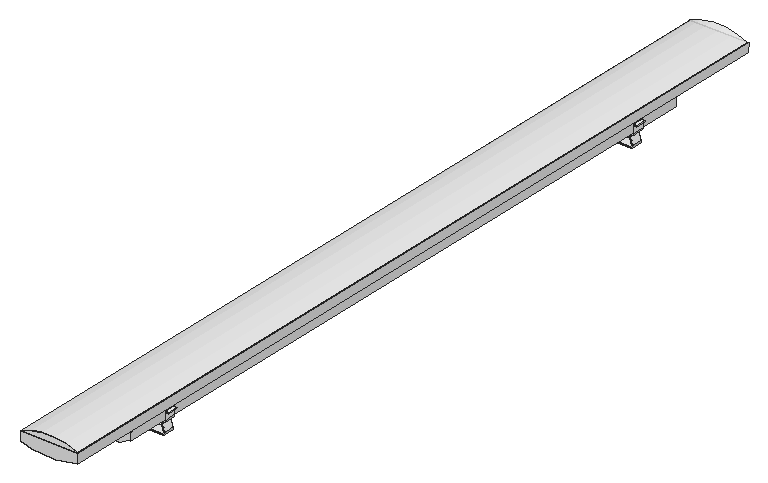
Revit family "Lighting-Industrial-GEWISS-SMART[3]-WATERTIGHT-LED_TRASPARENT_1600mm", category Apparecchi per illuminazione, host Superficie, Revit 2019
Family settings
  Host = Superficie
  Quota connettore circolare = Usa diametro
  Tipo di parte = Normale
  Taglio con vuoti quando caricato = No
  Sorgente d'illuminazione = No
  Condiviso = No
  Punto di calcolo locali = Sì
Parameters (values of type "GWS3158TD - SMART3 LED 1600 1X58 TRASPAR.DALI")
  Working temperature = "-25 +50 °C"
  Weight (kg): = "2,5"
  Warranty = "5 years"
  Voltage = "220/240 V - 50/60 Hz - Dali"
  Version file RFA = "20.11"
  URL = "https://www.gewiss.com/ww/en"
  Typology = "DALI"
  Type of light source = "LED - Not replaceable"
  Technical sheet = "https://www.gewiss.com/ww/en/search?q=GWS3158TD"
  System power = "26W"
  Struttura = GEWISS - SMART 3 - GRIGIO
  Stampa 1_200 = no
  Stampa 1_100 = not(Stampa 1_200)  # yes
  Spostamento_Y_etichetta [instance] = 0 mm
  Spostamento_Y_effettivo_etichetta [instance] = 1500 mm - Spostamento_Y_etichetta  # 1500 mm
  Spostamento_X_etichetta [instance] = 0 mm
  Spostamento_X_effettivo_etichetta [instance] = 1500 mm - Spostamento_X_etichetta  # 1500 mm
  Shock resistance = "IK08"
  Shield type = "Transparent"
  Schermo- = Gewiss - Led Acceso
  SEO = "Luminaire"
  Realized by GEWISS S.p.A. = ""
  Default Elevation = 1219.2 mm
  Produttore = "GEWISS S.p.A."
  Operating temperature: = "-30 +50 °C"
  Nominal flux (lm) = "3700"
  No. LED (#) = "72"
  Modello = "GWS3158TD"
  Lunghezza Lampada = 1600 mm  # constant formula
  Lumen output (lm) = "3400"
  Length = "1600 mm"
  Lampada = "LED"
  Lamp = "LED"
  LED LifeTime (L80B20) = "85000H"
  LED Life time (L80B50) = "100000H"
  LED Life time (L70) = "80000H"
  LED Life Time (L90B50) = "50000H"
  Insulation class = "II"
  Immagine tipo = GWS3158T.jpg
  IP degree = "IP66/IP69"
  IFC.TypeObject = ""
  IFC.ExportType = ""
  IFC.ExportAs = ""
  IDT = "fad509ce-101b-4a7a-befe-b015b7d6ede8"
  IDF = "689142ee-b09e-4cde-8409-446d4916f831"
  Glow Wire Test = "850°C"
  Ganci = GEWISS  - ALLUMINIO
  Failure rate apparecchio (50.000h, Tq=25Â° C) = "<2,5%"
  Failure rate apparecchio (35.000h, Tq=35Â° C) = "<2,5%"
  Electrocod = "2434"
  Efficiency class of integrated LEDs = "A ÷ A++"
  EAN code = "8011564869141"
  Driver type = "Constant Current Driver Led"
  Device with reduced surface temperature = "Complying"
  Descrizione = "SMART3 1600 72LED TRANSP DALI"
  Colour temperature: = "4000 K (CRI 80)"
  Colour temperature = "4000 K (CRI 80)"
  Catalogue Range = "SMART [3]"
  Catalogue = "LIGHTING"
  COBie.Tagnumber = ""
  COBie.CreatedOn = ""
  COBie.CreatebBy = ""
  COBie.ComponentRegisterItemID = ""
  COBie.Component.TagNumber = ""
  COBie.Component.Space = ""
  COBie.Component.SerialNumber = ""
  COBie.Component.InstallationDate = ""
  COBie.Component.Description = ""
  COBie.Component.BarCode = ""
  Application = "Internal"
Types (17, lengths in mm): name | Voltage | Typology | Technical sheet | System power | Shield type | Nominal flux (lm) | No. LED (#) | Modello | Lumen output (lm) | IDT | EAN code | Descrizione | Colour temperature: | Colour temperature
  (no name) | "220/240 V - 50/60 Hz - Dali" | "DALI" | "https://www.gewiss.com/ww/en/search?q=GWS3158TD" | "26W" | "Transparent" | "3700" | "72" | "GWS3158TD" | "3400" | "fad509ce-101b-4a7a-befe-b015b7d6ede8" | "8011564869141" | "SMART3 1600 72LED TRANSP DALI" | "4000 K (CRI 80)" | "4000 K (CRI 80)"
  GWS3158T - SMART3 LED 1600 1X58 TRANSP. | "220/240 V - 50/60 Hz - Stand alone" | "Stand alone" | "https://www.gewiss.com/ww/en/search?q=GWS3158T" | "26W" | "Transparent" | "3700" | "72" | "GWS3158T" | "3400" | "066f2335-f03f-4af7-bbdf-75d64e2a9c04" | "8011564857483" | "SMART3 1600 72LED TRANSP" | "4000 K (CRI 80)" | "4000 K (CRI 80)"
  GWS3258T - SMART3 LED 1600 2X58 TRANSP. | "220/240 V - 50/60 Hz - Stand alone" | "Stand alone" | "https://www.gewiss.com/ww/en/search?q=GWS3258T" | "50W" | "Transparent" | "6900" | "84" | "GWS3258T" | "6500" | "4cdd0241-d215-4c1f-815a-b1c93386de50" | "8011564857513" | "SMART3 1600 84LED TRASP" | "4000 K (CRI 80)" | "4000 K (CRI 80)"
  GWS3258T30K - SMART3 LED 1600 2X58 TRASPAR.30K | "220/240 V - 50/60 Hz - Stand alone" | "Stand alone" | "https://www.gewiss.com/ww/en/search?q=GWS3258T30K" | "50W" | "Transparent" | "6600" | "84" | "GWS3258T30K" | "6100" | "325b5c50-224b-4738-9fc0-25ba087131e3" | "8011564872561" | "SMART3 1600 84LED TRANSP 30K" | "3000 K (CRI 80)" | "3000 K (CRI 80)"
  GWS3258T57K - SMART3 LED 1600 2X58 TRANSP.57K | "220/240 V - 50/60 Hz - Stand alone" | "Stand alone" | "https://www.gewiss.com/ww/en/search?q=GWS3258T57K" | "50W" | "Transparent" | "6900" | "84" | "GWS3258T57K" | "6500" | "7db086ec-b3f1-4ab7-9915-efee839ad275" | "8011564872363" | "SMART3 1600 84LED TRANSP 57K" | "5700 K (CRI 80)" | "5700 K (CRI 80)"
  GWS3158TD - SMART3 LED 1600 1X58 TRASPAR.DALI | "220/240 V - 50/60 Hz - Dali" | "DALI" | "https://www.gewiss.com/ww/en/search?q=GWS3158TD" | "26W" | "Transparent" | "3700" | "72" | "GWS3158TD" | "3400" | "fad509ce-101b-4a7a-befe-b015b7d6ede8" | "8011564869141" | "SMART3 1600 72LED TRANSP DALI" | "4000 K (CRI 80)" | "4000 K (CRI 80)"
  GWS3158TL - SMART3 LED 1600 1X58 TRANSP.QW | "220/240 V - 50/60 Hz - Stand alone" | "Stand alone" | "https://www.gewiss.com/ww/en/search?q=GWS3158TL" | "26W" | "Transparent" | "3700" | "72" | "GWS3158TL" | "3400" | "ad557d36-df4f-4932-8f10-348deb7834fc" | "8011564876026" | "SMART3 1600 72LED TRANSP LP" | "4000 K (CRI 80)" | "4000 K (CRI 80)"
  GWS3158TLD - SMART3 LED 1600 1X58 TRASPAR.DALI LP | "220/240 V - 50/60 Hz - Dali" | "DALI" | "https://www.gewiss.com/ww/en/search?q=GWS3158TLD" | "26W" | "Transparent" | "3700" | "72" | "GWS3158TLD" | "3400" | "b052bf06-4341-4e81-a7b7-08e227eebc87" | "8011564876996" | "SMART3 1600 72LED TRASP DALI LP" | "4000 K (CRI 80)" | "4000 K (CRI 80)"
  GWS3258TD - SMART3 LED 1600 2X58 TRANSP.DALI | "220/240 V - 50/60 Hz - Dali" | "DALI" | "https://www.gewiss.com/ww/en/search?q=GWS3258TD" | "50W" | "Transparent" | "6900" | "84" | "GWS3258TD" | "6500" | "c13bb367-a2a7-4ade-ab3f-f5a6ac8cc10a" | "8011564869172" | "SMART3 1600 84LED TRASP DALI" | "4000 K (CRI 80)" | "4000 K (CRI 80)"
  GWS3258TD30K - SMART3 LED 1600 2X58 TRASPAR.DALI 30K | "220/240 V - 50/60 Hz - Dali" | "DALI" | "https://www.gewiss.com/ww/en/search?q=GWS3258TD30K" | "50W" | "Transparent" | "6600" | "84" | "GWS3258TD30K" | "6100" | "81e36b92-3e98-4a8c-a723-41ede1d4d4c9" | "8011564877214" | "SMART3 1600 84LED TRANSP DALI 30K" | "3000 K (CRI 80)" | "3000 K (CRI 80)"
  GWS3258TD57K - SMART3 LED 1600 2X58 TRASPAR.DALI 57K | "220/240 V - 50/60 Hz - Dali" | "DALI" | "https://www.gewiss.com/ww/en/search?q=GWS3258TD57K" | "50W" | "Transparent" | "6900" | "84" | "GWS3258TD57K" | "6500" | "8edf0d01-1cf1-4794-9f7b-07d2761047a4" | "8011564877221" | "SMART3 1600 84LED TRANSP DALI 57K" | "5700 K (CRI 80)" | "5700 K (CRI 80)"
  GWS3258TL - SMART3 LED 1600 2X58 TRANSP.QW | "220/240 V - 50/60 Hz - Stand alone" | "Stand alone" | "https://www.gewiss.com/ww/en/search?q=GWS3258TL" | "50W" | "Transparentl with feed-through wiring" | "6900" | "84" | "GWS3258TL" | "6500" | "279edb7b-9f48-4b9a-a033-1cee137432b9" | "8011564876019" | "SMART3 1600 84LED TRASP LP" | "4000 K (CRI 80)" | "4000 K (CRI 80)"
  GWS3258TL30K - SMART3 LED 1600 2X58 TRASPAR.30K LP | "220/240 V - 50/60 Hz - Stand alone" | "Stand alone" | "https://www.gewiss.com/ww/en/search?q=GWS3258TL30K" | "50W" | "Transparentl with feed-through wiring" | "6600" | "84" | "GWS3258TL30K" | "6100" | "c5678d03-0c39-4ed2-aa1d-db6966d7895c" | "8011564877238" | "SMART3 1600 84LED TRASP 30K LP" | "3000 K (CRI 80)" | "3000 K (CRI 80)"
  GWS3258TL57K - SMART3 LED 1600 2X58 TRANSP.57K QW | "220/240 V - 50/60 Hz - Stand alone" | "Stand alone" | "https://www.gewiss.com/ww/en/search?q=GWS3258TL57K" | "50W" | "Transparentl with feed-through wiring" | "6900" | "84" | "GWS3258TL57K" | "6500" | "29417524-0e1e-449e-bbc7-dee1226abf64" | "8011564877245" | "SMART3 1600 84LED TRASP 57K LP" | "5700 K (CRI 80)" | "5700 K (CRI 80)"
  GWS3258TLD - SMART3 LED 1600 2X58 TRANSP.DALI QW | "220/240 V - 50/60 Hz - Dali" | "DALI" | "https://www.gewiss.com/ww/en/search?q=GWS3258TLD" | "50W" | "Transparent" | "6900" | "84" | "GWS3258TLD" | "6500" | "ea1d6a33-a2cf-45e2-a91b-37e897663626" | "8011564877252" | "SMART3 1600 84LED TRASP DALI LP" | "4000 K (CRI 80)" | "4000 K (CRI 80)"
  GWS3258TLD30K - SMART3 LED 1600 2X58 TRASPAR.DALI 30K LP | "220/240 V - 50/60 Hz - Dali" | "DALI" | "https://www.gewiss.com/ww/en/search?q=GWS3258TLD30K" | "50W" | "Transparent" | "6600" | "84" | "GWS3258TLD30K" | "6100" | "729ccefa-5ef9-4419-9430-5e5af7bd8625" | "8011564877269" | "SMART3 1600 84LED TRASP DALI 30K LP" | "3000 K (CRI 80)" | "3000 K (CRI 80)"
  GWS3258TLD57K - SMART3 LED 1600 2X58 TRASPAR.DALI 57K LP | "220/240 V - 50/60 Hz - Dali" | "DALI" | "https://www.gewiss.com/ww/en/search?q=GWS3258TLD57K" | "50W" | "Transparent" | "6900" | "84" | "GWS3258TLD57K" | "6500" | "26c707b7-8614-495c-95ca-304ffab4d2c7" | "8011564877276" | "SMART3 1600 84LED TRASP DALI 57K LP" | "5700 K (CRI 80)" | "5700 K (CRI 80)"
Reference planes
  plane 1 "Centro (Fronte/Retro)": y = 0
  plane 2: z = 0
  plane 3 "Centro (Sinistra/Destra)": x = 0
  plane 4: x = -1500
  plane 5: y = -1500
  plane 6: x = 0
  plane 7: y = 0
Forms (mm)
  Extrusion 1, solid, material "GEWISS  - ALLUMINIO" <- "Ganci", detail levels medium+fine
    sketch origin (0, 0, 0) x (1, 0, 0) y (0, 0, 1)
      loop
        arc (31.431, -0.002) -> (34.576, 1.589) -> (35.156, 5.066) r 3.903
        line (35.156, 5.066) -> (29.612, 23.211)
        arc (29.612, 23.211) -> (29.883, 24.381) -> (31.032, 24.73) r 1.2
        line (31.032, 24.73) -> (34.307, 23.974)
        arc (34.307, 23.974) -> (36.765, 24.53) -> (37.859, 26.8) r 2.9
        line (37.859, 26.8) -> (37.859, 38.8)
        arc (37.859, 38.8) -> (37.648, 39.694) -> (37.059, 40.4) r 2
        line (37.059, 40.4) -> (37.059, 42.71) -> (42.861, 40.598) -> (43.203, 41.538) -> (37.53, 43.603)
        arc (37.53, 43.603) -> (37.019, 43.613) -> (36.605, 43.311) r 0.8
        line (36.605, 43.311) -> (36.306, 26.139)
        arc (36.306, 26.139) -> (35.6, 25.444) -> (34.616, 25.34) r 1.5
        line (34.616, 25.34) -> (31.344, 26.095)
        arc (31.344, 26.095) -> (28.858, 25.335) -> (28.273, 22.802) r 2.6
        line (28.273, 22.802) -> (33.827, 4.636)
        arc (33.827, 4.636) -> (33.449, 2.415) -> (31.438, 1.4) r 2.5
        line (31.438, 1.4) -> (-31.437, 1.4)
        arc (-31.437, 1.4) -> (-33.449, 2.415) -> (-33.827, 4.636) r 2.5
        line (-33.827, 4.636) -> (-28.273, 22.802)
        arc (-28.273, 22.802) -> (-28.858, 25.335) -> (-31.344, 26.095) r 2.6
        line (-31.344, 26.095) -> (-34.616, 25.34)
        arc (-34.616, 25.34) -> (-35.6, 25.444) -> (-36.306, 26.139) r 1.5
        line (-36.306, 26.139) -> (-36.605, 43.311)
        arc (-36.605, 43.311) -> (-37.019, 43.613) -> (-37.53, 43.603) r 0.8
        line (-37.53, 43.603) -> (-43.203, 41.538) -> (-42.861, 40.598) -> (-37.059, 42.71) -> (-37.059, 40.4)
        arc (-37.059, 40.4) -> (-37.648, 39.694) -> (-37.859, 38.8) r 2
        line (-37.859, 38.8) -> (-37.859, 26.8)
        arc (-37.859, 26.8) -> (-36.765, 24.53) -> (-34.307, 23.974) r 2.9
        line (-34.307, 23.974) -> (-31.032, 24.73)
        arc (-31.032, 24.73) -> (-29.883, 24.381) -> (-29.612, 23.211) r 1.2
        line (-29.612, 23.211) -> (-35.156, 5.066)
        arc (-35.156, 5.066) -> (-34.576, 1.589) -> (-31.431, -0.002) r 3.903
        line (-31.431, -0.002) -> (31.431, -0.002)
    from 548.766 to 568.766
  Extrusion 2, solid, material "GEWISS  - ALLUMINIO" <- "Ganci", detail levels medium+fine
    sketch origin (0, 0, 0) x (1, 0, 0) y (0, 0, -1)
      loop
        line (31.431, 0.002) -> (-31.431, 0.002)
        arc (-31.431, 0.002) -> (-34.576, -1.589) -> (-35.156, -5.066) r 3.903
        line (-35.156, -5.066) -> (-29.612, -23.211)
        arc (-29.612, -23.211) -> (-29.883, -24.381) -> (-31.032, -24.73) r 1.2
        line (-31.032, -24.73) -> (-34.307, -23.974)
        arc (-34.307, -23.974) -> (-36.765, -24.53) -> (-37.859, -26.8) r 2.9
        line (-37.859, -26.8) -> (-37.859, -38.8)
        arc (-37.859, -38.8) -> (-37.648, -39.694) -> (-37.059, -40.4) r 2
        line (-37.059, -40.4) -> (-37.059, -42.71) -> (-42.861, -40.598) -> (-43.203, -41.538) -> (-37.53, -43.603)
        arc (-37.53, -43.603) -> (-37.019, -43.613) -> (-36.605, -43.311) r 0.8
        line (-36.605, -43.311) -> (-36.306, -26.139)
        arc (-36.306, -26.139) -> (-35.6, -25.444) -> (-34.616, -25.34) r 1.5
        line (-34.616, -25.34) -> (-31.344, -26.095)
        arc (-31.344, -26.095) -> (-28.858, -25.335) -> (-28.273, -22.802) r 2.6
        line (-28.273, -22.802) -> (-33.827, -4.636)
        arc (-33.827, -4.636) -> (-33.449, -2.415) -> (-31.437, -1.4) r 2.5
        line (-31.437, -1.4) -> (31.438, -1.4)
        arc (31.438, -1.4) -> (33.449, -2.415) -> (33.827, -4.636) r 2.5
        line (33.827, -4.636) -> (28.273, -22.802)
        arc (28.273, -22.802) -> (28.858, -25.335) -> (31.344, -26.095) r 2.6
        line (31.344, -26.095) -> (34.616, -25.34)
        arc (34.616, -25.34) -> (35.6, -25.444) -> (36.306, -26.139) r 1.5
        line (36.306, -26.139) -> (36.605, -43.311)
        arc (36.605, -43.311) -> (37.019, -43.613) -> (37.53, -43.603) r 0.8
        line (37.53, -43.603) -> (43.203, -41.538) -> (42.861, -40.598) -> (37.059, -42.71) -> (37.059, -40.4)
        arc (37.059, -40.4) -> (37.648, -39.694) -> (37.859, -38.8) r 2
        line (37.859, -38.8) -> (37.859, -26.8)
        arc (37.859, -26.8) -> (36.765, -24.53) -> (34.307, -23.974) r 2.9
        line (34.307, -23.974) -> (31.032, -24.73)
        arc (31.032, -24.73) -> (29.883, -24.381) -> (29.612, -23.211) r 1.2
        line (29.612, -23.211) -> (35.156, -5.066)
        arc (35.156, -5.066) -> (34.576, -1.589) -> (31.431, 0.002) r 3.903
    from 548.766 to 568.766
  Extrusion 3, solid, material "GEWISS - SMART 3 - GRIGIO" <- "Struttura", detail levels medium+fine
    sketch origin (0, 0, 0) x (1, 0, 0) y (0, 0, 1)
      loop
        line (-36.331, 55.757) -> (-35.847, 28.018)
        arc (-35.847, 28.018) -> (-33.139, 27.27) -> (-30.416, 26.58) r 129.5
        arc (-30.416, 26.58) -> (-28.066, 25.76) -> (-25.915, 24.506) r 13
        arc (-25.915, 24.506) -> (-24.23, 23.324) -> (-22.521, 22.178) r 99.5
        arc (-22.521, 22.178) -> (-16.401, 19.063) -> (-9.748, 17.365) r 31.146
        line (-9.748, 17.365) -> (12.491, 17.365)
        arc (12.491, 17.365) -> (17.822, 19.098) -> (22.764, 21.745) r 31.646
        arc (22.764, 21.745) -> (24.509, 22.915) -> (26.228, 24.122) r 100
        arc (26.228, 24.122) -> (28.283, 25.313) -> (30.525, 26.095) r 12.5
        arc (30.525, 26.095) -> (33.437, 26.834) -> (36.332, 27.64) r 130
        line (36.332, 27.64) -> (36.824, 55.851)
        arc (36.824, 55.851) -> (24.914, 53.937) -> (12.909, 52.764) r 195.047
        line (12.909, 52.764) -> (-12.909, 52.764)
        arc (-12.909, 52.764) -> (-24.665, 53.905) -> (-36.331, 55.757) r 195.047
    from -650 to 650
  Extrusion 4, solid, material "GEWISS - SMART 3 - GRIGIO" <- "Struttura", detail levels medium+fine
    sketch origin (0, 0, 0) x (1, 0, 0) y (0, 0, 1)
      loop
        line (54.725, 60.184) -> (55.177, 77.445) -> (-55.177, 77.445) -> (-54.725, 60.184)
        arc (-54.725, 60.184) -> (-34.019, 55.332) -> (-12.909, 52.764) r 195.047
        line (-12.909, 52.764) -> (12.909, 52.764)
        arc (12.909, 52.764) -> (34.019, 55.332) -> (54.725, 60.184) r 195.047
    from -800 to 800
  Extrusion 5, solid, material "Gewiss - Led Acceso" <- "Schermo-", detail levels medium+fine
    sketch origin (0, 0, 0) x (1, 0, 0) y (0, 0, 1)
      loop
        arc (54.697, 78.441) -> (-0.014, 90.457) -> (-54.723, 78.429) r 130.5
        arc (-54.723, 78.429) -> (-54.988, 77.838) -> (-54.5, 77.445) r 0.5
        line (-54.5, 77.445) -> (54.479, 77.445)
        arc (54.479, 77.445) -> (54.988, 77.855) -> (54.697, 78.441) r 0.522
    from -800 to 800
  Extrusion 6, solid, material "GEWISS - SMART 3 - GRIGIO" <- "Struttura", detail levels medium
    sketch origin (0, 0, 0) x (1, 0, 0) y (0, 0, 1)
      loop
        line (-54.5, 90.439) -> (-54.5, 0) -> (54.5, 0) -> (54.5, 90.439) -> (-54.5, 90.439)
    from -800 to 800
Lines and regions (mm)
  Masking region 1
    outline origin (0, 0, 0) x (1, 0, 0) y (0, 1, 0)
      loop
        line (-55.177, 800) -> (-55.177, -800) -> (55.177, -800) -> (55.177, 800) -> (-55.177, 800)
  model lines, style "GEWISS - LIGHT 2D", detail levels coarse
    curve 1: arc (-52.678, 800, 0) -> (-54.446, 799.268, 0) -> (-55.178, 797.5, 0) r 2.5
    curve 2: line (55.176, 800, 0) -> (-52.678, 800, 0)
    curve 3: line (-55.178, -188.779, 0) -> (55.176, -188.779, 0)
    curve 4: line (55.176, -188.779, 0) -> (55.176, 800, 0)
    curve 5: line (-55.178, -188.779, 0) -> (-55.178, 797.5, 0)
    curve 6: line (0, 575.964, 0) -> (0, -157.815, 0)
    curve 253: arc (-52.678, -188.779, 0) -> (-54.446, -188.047, 0) -> (-55.178, -186.279, 0) r 2.5
  model lines, style "GEWISS - LIGHT 2D", not visible, detail levels medium+fine
    curve 7: arc (599.156, 237.359, 0) -> (604.568, 231.947, 0) -> (609.98, 237.359, 0) r 5.412
    curve 12: arc (581.804, 237.359, 0) -> (582.83, 230.601, 0) -> (585.816, 224.453, 0) r 22.764
    curve 13: arc (623.32, 224.453, 0) -> (626.306, 230.601, 0) -> (627.332, 237.359, 0) r 22.764
    curve 14: arc (609.98, -154.35, 0) -> (604.568, -148.937, 0) -> (599.156, -154.35, 0) r 5.412
    curve 20: arc (585.816, -141.444, 0) -> (582.83, -147.592, 0) -> (581.804, -154.35, 0) r 22.764
    curve 21: arc (627.332, -154.35, 0) -> (626.306, -147.592, 0) -> (623.32, -141.444, 0) r 22.764
    curve 28: line (581.804, 248.502, 0) -> (581.804, 237.359, 0)
    curve 29: line (581.804, 237.359, 0) -> (599.156, 237.359, 0)
    curve 30: line (599.156, 237.359, 0) -> (599.156, 248.502, 0)
    curve 31: line (599.156, 256.809, 0) -> (599.156, 262.193, 0)
    curve 32: line (609.98, 248.502, 0) -> (609.98, 237.359, 0)
    curve 33: line (609.98, 237.359, 0) -> (627.332, 237.359, 0)
    curve 34: line (627.332, 237.359, 0) -> (627.332, 248.502, 0)
    curve 45: line (581.804, -154.35, 0) -> (581.804, -165.498, 0)
    curve 46: line (581.804, -165.498, 0) -> (581.804, -154.35, 0)
    curve 47: line (581.804, -154.35, 0) -> (599.156, -154.35, 0)
    curve 48: line (599.156, -154.35, 0) -> (599.156, -165.498, 0)
    curve 49: line (609.98, -165.498, 0) -> (609.98, -154.35, 0)
    curve 50: line (609.98, -154.35, 0) -> (627.332, -154.35, 0)
    curve 51: line (627.332, -154.35, 0) -> (627.332, -165.498, 0)
    curve 52: line (627.332, -165.498, 0) -> (627.332, -154.35, 0)
    curve 53: line (609.98, -179.249, 0) -> (609.98, -173.749, 0)
    curve 56: line (599.156, -179.191, 0) -> (599.156, -173.807, 0)
    curve 100: circle (617.836, 259.501, 0) r 1.5 normal (0, 0, 1)
    curve 101: circle (591.836, 259.501, 0) r 1.5 normal (0, 0, 1)
    curve 102: arc (610.218, 256.751, 0) -> (612.968, 259.501, 0) -> (610.218, 262.251, 0) r 2.75
    curve 103: arc (599.718, 262.251, 0) -> (596.968, 259.501, 0) -> (599.718, 256.751, 0) r 2.75
    curve 108: circle (617.836, -176.499, 0) r 1.5 normal (0, 0, 1)
    curve 109: circle (591.836, -176.499, 0) r 1.5 normal (0, 0, 1)
    curve 110: arc (610.218, -179.249, 0) -> (612.968, -176.499, 0) -> (610.218, -173.749, 0) r 2.75
    curve 111: arc (599.718, -173.749, 0) -> (596.968, -176.499, 0) -> (599.718, -179.249, 0) r 2.75
    curve 190: line (599.718, 262.251, 0) -> (610.218, 262.251, 0)
    curve 191: line (599.718, 256.751, 0) -> (610.218, 256.751, 0)
    curve 200: line (599.718, -173.749, 0) -> (610.218, -173.749, 0)
    curve 201: line (599.718, -179.249, 0) -> (610.218, -179.249, 0)
    curve 220: line (604.568, 230.323, 0) -> (604.568, 244.394, 0)
    curve 221: line (611.603, 237.359, 0) -> (597.532, 237.359, 0)
    curve 222: line (604.568, -161.385, 0) -> (604.568, -147.314, 0)
    curve 223: line (611.603, -154.35, 0) -> (597.532, -154.35, 0)
    curve 229: line (617.836, 257.551, 0) -> (617.836, 261.451, 0)
    curve 230: line (619.786, 259.501, 0) -> (615.886, 259.501, 0)
    curve 231: line (591.836, 257.551, 0) -> (591.836, 261.451, 0)
    curve 232: line (593.786, 259.501, 0) -> (589.886, 259.501, 0)
    curve 233: line (603.293, 259.501, 0) -> (596.143, 259.501, 0)
    curve 234: line (610.218, 255.926, 0) -> (610.218, 263.076, 0)
    curve 235: line (613.793, 259.501, 0) -> (606.643, 259.501, 0)
    curve 236: line (617.836, -178.449, 0) -> (617.836, -174.549, 0)
    curve 237: line (619.786, -176.499, 0) -> (615.886, -176.499, 0)
    curve 238: line (591.836, -178.449, 0) -> (591.836, -174.549, 0)
    curve 239: line (593.786, -176.499, 0) -> (589.886, -176.499, 0)
    curve 240: line (599.718, -180.074, 0) -> (599.718, -172.924, 0)
    curve 241: line (603.293, -176.499, 0) -> (596.143, -176.499, 0)
    curve 242: line (610.218, -180.074, 0) -> (610.218, -172.924, 0)
    curve 243: line (613.793, -176.499, 0) -> (606.643, -176.499, 0)
    curve 244: arc (585.816, 224.453, 0) -> (604.568, 218.168, 0) -> (623.32, 224.453, 0) r 31.118
    curve 245: arc (623.32, -141.444, 0) -> (604.568, -135.159, 0) -> (585.816, -141.444, 0) r 31.118
  model lines, style "GEWISS - LIGHT 2D", not visible
    curve 8: arc (642.177, 315.223, 0) -> (641.755, 316.267, 0) -> (640.725, 316.723, 0) r 1.499
    curve 9: arc (640.726, -233.714, 0) -> (641.755, -233.258, 0) -> (642.177, -232.214, 0) r 1.499
    curve 10: arc (568.41, 316.723, 0) -> (567.381, 316.267, 0) -> (566.959, 315.223, 0) r 1.499
    curve 11: arc (566.959, -232.214, 0) -> (567.38, -233.258, 0) -> (568.409, -233.714, 0) r 1.499
    curve 22: line (568.41, 316.723, 0) -> (592.409, 317.119, 0)
    curve 23: line (592.409, 317.119, 0) -> (595.819, 317.196, 0)
    curve 24: line (595.819, 317.196, 0) -> (604.587, 317.348, 0)
    curve 25: line (604.587, 317.348, 0) -> (613.319, 317.196, 0)
    curve 26: line (613.319, 317.196, 0) -> (616.729, 317.119, 0)
    curve 27: line (616.729, 317.119, 0) -> (640.725, 316.723, 0)
    curve 35: line (568.409, -233.714, 0) -> (604.582, -234.348, 0)
    curve 36: line (604.582, -234.348, 0) -> (640.726, -233.714, 0)
    curve 37: line (642.177, -187.498, 0) -> (642.177, -232.214, 0)
    curve 38: line (642.177, 248.502, 0) -> (642.177, -165.498, 0)
    curve 39: line (642.177, 315.223, 0) -> (642.177, 270.502, 0)
    curve 40: line (566.959, 315.223, 0) -> (566.959, 270.502, 0)
    curve 41: line (566.959, 248.502, 0) -> (566.959, -165.498, 0)
    curve 42: line (566.959, -187.498, 0) -> (566.959, -232.214, 0)
    curve 43: line (604.549, -234.347, 0) -> (604.569, -233.348, 0)
    curve 44: line (604.569, -233.348, 0) -> (604.549, -234.347, 0)
    curve 54: line (609.989, -233.253, 0) -> (609.98, -232.753, 0)
    curve 55: line (609.98, -232.753, 0) -> (609.98, -187.498, 0)
    curve 57: line (599.147, -233.253, 0) -> (599.156, -232.753, 0)
    curve 58: line (599.156, -232.753, 0) -> (599.156, -187.498, 0)
    curve 59: line (604.568, -232.848, 0) -> (604.569, -233.348, 0)
    curve 60: line (604.569, -233.348, 0) -> (604.568, -232.848, 0)
    curve 75: arc (658.224, 441.447, 0) -> (657.902, 441.529, 0) -> (657.571, 441.558, 0) r 1.999
    curve 77: arc (659.744, 439.503, 0) -> (659.172, 440.906, 0) -> (657.781, 441.505, 0) r 1.998
    curve 78: arc (549.391, -356.494, 0) -> (549.963, -357.897, 0) -> (551.356, -358.495, 0) r 1.998
    curve 104: spline (648.539, 268.506, 0) -> (648.523, 268.767, 0) -> (648.475, 269.023, 0) -> (648.396, 269.27, 0) -> (648.287, 269.504, 0) -> (648.151, 269.721, 0) -> (647.989, 269.918, 0) -> (647.804, 270.09, 0) -> (647.599, 270.235, 0) -> (647.379, 270.35, 0) -> (647.146, 270.434, 0) -> (646.905, 270.485, 0) -> (646.66, 270.502, 0)
    curve 105: spline (646.66, 248.502, 0) -> (646.905, 248.519, 0) -> (647.146, 248.57, 0) -> (647.379, 248.654, 0) -> (647.599, 248.77, 0) -> (647.804, 248.916, 0) -> (647.989, 249.089, 0) -> (648.151, 249.286, 0) -> (648.287, 249.504, 0) -> (648.396, 249.739, 0) -> (648.475, 249.987, 0) -> (648.523, 250.245, 0) -> (648.539, 250.506, 0)
    curve 106: spline (561.397, 250.501, 0) -> (561.413, 250.24, 0) -> (561.461, 249.984, 0) -> (561.54, 249.736, 0) -> (561.648, 249.502, 0) -> (561.785, 249.284, 0) -> (561.947, 249.087, 0) -> (562.132, 248.915, 0) -> (562.336, 248.77, 0) -> (562.557, 248.654, 0) -> (562.79, 248.57, 0) -> (563.031, 248.519, 0) -> (563.276, 248.502, 0)
    curve 107: spline (563.276, 270.502, 0) -> (563.031, 270.485, 0) -> (562.79, 270.434, 0) -> (562.557, 270.35, 0) -> (562.336, 270.234, 0) -> (562.132, 270.089, 0) -> (561.947, 269.916, 0) -> (561.785, 269.72, 0) -> (561.648, 269.502, 0) -> (561.54, 269.267, 0) -> (561.461, 269.019, 0) -> (561.413, 268.763, 0) -> (561.397, 268.502, 0)
    curve 112: spline (648.539, -167.494, 0) -> (648.523, -167.233, 0) -> (648.475, -166.977, 0) -> (648.396, -166.73, 0) -> (648.287, -166.496, 0) -> (648.151, -166.279, 0) -> (647.989, -166.083, 0) -> (647.804, -165.911, 0) -> (647.599, -165.766, 0) -> (647.379, -165.65, 0) -> (647.146, -165.566, 0) -> (646.905, -165.515, 0) -> (646.66, -165.498, 0)
    curve 113: spline (646.66, -187.498, 0) -> (646.905, -187.481, 0) -> (647.146, -187.43, 0) -> (647.379, -187.346, 0) -> (647.599, -187.23, 0) -> (647.804, -187.084, 0) -> (647.989, -186.911, 0) -> (648.151, -186.714, 0) -> (648.287, -186.496, 0) -> (648.396, -186.261, 0) -> (648.475, -186.012, 0) -> (648.523, -185.755, 0) -> (648.539, -185.494, 0)
    curve 114: spline (561.397, -185.499, 0) -> (561.413, -185.76, 0) -> (561.461, -186.016, 0) -> (561.54, -186.264, 0) -> (561.648, -186.498, 0) -> (561.785, -186.716, 0) -> (561.947, -186.912, 0) -> (562.132, -187.085, 0) -> (562.336, -187.23, 0) -> (562.557, -187.346, 0) -> (562.79, -187.43, 0) -> (563.031, -187.481, 0) -> (563.276, -187.498, 0)
    curve 115: spline (563.276, -165.498, 0) -> (563.031, -165.516, 0) -> (562.79, -165.567, 0) -> (562.557, -165.651, 0) -> (562.336, -165.766, 0) -> (562.132, -165.912, 0) -> (561.947, -166.084, 0) -> (561.785, -166.281, 0) -> (561.648, -166.499, 0) -> (561.54, -166.733, 0) -> (561.461, -166.981, 0) -> (561.413, -167.238, 0) -> (561.397, -167.499, 0)
    curve 116: arc (657.245, -358.546, 0) -> (659.012, -357.814, 0) -> (659.745, -356.046, 0) r 2.5
    curve 117: arc (551.891, 441.558, 0) -> (550.123, 440.825, 0) -> (549.391, 439.058, 0) r 2.5
    curve 148: line (657.571, 441.558, 0) -> (604.567, 441.558, 0)
    curve 149: line (604.567, 441.558, 0) -> (551.891, 441.558, 0)
    curve 150: line (551.356, -358.495, 0) -> (604.568, -358.495, 0)
    curve 151: line (604.568, -358.495, 0) -> (657.245, -358.495, 0)
    curve 163: line (599.147, -233.253, 0) -> (604.569, -233.348, 0)
    curve 164: line (604.569, -233.348, 0) -> (609.989, -233.253, 0)
    curve 165: line (659.745, -356.046, 0) -> (659.745, 439.503, 0)
    curve 166: line (657.781, 441.505, 0) -> (604.567, 441.505, 0)
    curve 167: line (549.391, -356.494, 0) -> (549.391, 439.058, 0)
    curve 192: line (642.696, 270.501, 0) -> (642.427, 270.501, 0)
    curve 193: line (563.481, 270.502, 0) -> (563.276, 270.502, 0)
    curve 194: line (563.276, 270.502, 0) -> (646.454, 270.502, 0)
    curve 195: line (646.454, 270.502, 0) -> (646.66, 270.502, 0)
    curve 196: line (563.481, 248.502, 0) -> (563.276, 248.502, 0)
    curve 197: line (646.454, 248.502, 0) -> (646.66, 248.502, 0)
    curve 198: line (648.539, 250.506, 0) -> (648.539, 268.506, 0)
    curve 199: line (561.397, 250.501, 0) -> (561.397, 268.501, 0)
    curve 202: line (646.66, -165.498, 0) -> (646.454, -165.498, 0)
    curve 203: line (646.454, -165.498, 0) -> (642.696, -165.498, 0)
    curve 204: line (642.696, -165.498, 0) -> (642.427, -165.498, 0)
    curve 205: line (642.427, -165.498, 0) -> (639.905, -165.498, 0)
    curve 206: line (639.905, -165.498, 0) -> (636.805, -165.498, 0)
    curve 207: line (636.805, -165.498, 0) -> (573.13, -165.498, 0)
    curve 208: line (573.13, -165.498, 0) -> (570.031, -165.498, 0)
    curve 209: line (570.031, -165.498, 0) -> (567.508, -165.498, 0)
    curve 210: line (567.508, -165.498, 0) -> (567.24, -165.498, 0)
    curve 211: line (567.24, -165.498, 0) -> (563.481, -165.498, 0)
    curve 212: line (563.481, -165.498, 0) -> (563.276, -165.498, 0)
    curve 213: line (563.276, -187.498, 0) -> (563.481, -187.498, 0)
    curve 214: line (563.481, -187.498, 0) -> (646.454, -187.498, 0)
    curve 215: line (646.454, -187.498, 0) -> (646.66, -187.498, 0)
    curve 216: line (642.696, -187.499, 0) -> (642.427, -187.499, 0)
    curve 217: line (648.539, -185.494, 0) -> (648.539, -167.494, 0)
    curve 218: line (561.397, -185.499, 0) -> (561.397, -167.499, 0)
    curve 225: line (604.569, 276.529, 0) -> (604.569, -193.52, 0)
    curve 246: line (646.454, 248.502, 0) -> (563.276, 248.502, 0)
  model lines, style "GEWISS - LIGHT 2D", not visible, detail levels fine
    curve 15: arc (621.884, 350.407, 0) -> (621.798, 350.225, 0) -> (621.768, 350.027, 0) r 0.678
    curve 16: arc (622.621, 351.453, 0) -> (622.246, 350.935, 0) -> (621.884, 350.407, 0) r 25.107
    curve 17: arc (623.611, 352.703, 0) -> (623.106, 352.086, 0) -> (622.621, 351.453, 0) r 25.491
    curve 18: arc (626.634, 356.042, 0) -> (625.055, 354.434, 0) -> (623.611, 352.703, 0) r 27.8
    curve 19: arc (628.933, 357.976, 0) -> (627.762, 357.034, 0) -> (626.634, 356.042, 0) r 34.286
    curve 61: line (595.819, 317.196, 0) -> (595.819, 331.194, 0)
    curve 62: line (595.819, 331.194, 0) -> (595.823, 331.698, 0)
    curve 63: line (613.319, 317.196, 0) -> (613.319, 331.194, 0)
    curve 64: line (613.319, 331.194, 0) -> (613.315, 331.698, 0)
    curve 65: line (601.188, 333.427, 0) -> (595.819, 333.381, 0)
    curve 66: line (595.819, 333.381, 0) -> (592.551, 333.351, 0)
    curve 67: line (621.768, 349.976, 0) -> (621.768, 349.703, 0)
    curve 68: line (618.568, 339.703, 0) -> (618.568, 340.003, 0)
    curve 69: line (618.568, 340.003, 0) -> (618.568, 349.403, 0)
    curve 70: line (618.568, 349.403, 0) -> (618.568, 349.703, 0)
    curve 71: line (626.634, 356.042, 0) -> (625.666, 357.327, 0)
    curve 72: line (625.666, 357.327, 0) -> (625.303, 357.809, 0)
    curve 73: arc (615.276, 335.364, 0) -> (616.055, 336.638, 0) -> (614.919, 337.608, 0) r 1.15
    curve 74: arc (594.228, 337.608, 0) -> (593.084, 336.643, 0) -> (593.862, 335.364, 0) r 1.15
    curve 76: arc (618.493, 319.316, 0) -> (619.321, 319.921, 0) -> (619.181, 320.937, 0) r 1
    curve 79: arc (592.532, 331.227, 0) -> (592.389, 331.582, 0) -> (592.037, 331.731, 0) r 0.5
    curve 80: arc (617.101, 331.731, 0) -> (616.749, 331.582, 0) -> (616.606, 331.227, 0) r 0.5
    curve 81: arc (617.805, 349.703, 0) -> (617.188, 349.635, 0) -> (616.597, 349.441, 0) r 3
    curve 82: arc (606.569, 342.058, 0) -> (605.632, 343.753, 0) -> (603.698, 343.859, 0) r 2
    curve 83: arc (599.084, 344.854, 0) -> (601.221, 343.569, 0) -> (603.698, 343.859, 0) r 3.86
    curve 84: arc (598.376, 346.791, 0) -> (598.558, 345.76, 0) -> (599.084, 344.854, 0) r 3
    curve 85: arc (605.757, 349.962, 0) -> (611.115, 348.406, 0) -> (616.597, 349.441, 0) r 12
    curve 86: arc (622.068, 349.403, 0) -> (621.98, 349.615, 0) -> (621.768, 349.703, 0) r 0.3
    curve 87: arc (620.003, 351.317, 0) -> (619.679, 350.57, 0) -> (619.569, 349.763, 0) r 3
    curve 88: arc (603.144, 334.726, 0) -> (600.795, 328.007, 0) -> (607.888, 327.419, 0) r 4.5
    curve 89: arc (603.144, 334.726, 0) -> (605.626, 336.549, 0) -> (606.569, 339.481, 0) r 5
    curve 90: arc (602.226, 350.998, 0) -> (599.524, 350.005, 0) -> (598.376, 347.367, 0) r 3.66
    curve 91: arc (605.757, 349.962, 0) -> (604.052, 350.686, 0) -> (602.226, 350.998, 0) r 8
    curve 92: arc (621.772, 339.703, 0) -> (621.999, 339.807, 0) -> (622.068, 340.048, 0) r 0.3
    curve 93: arc (618.568, 339.703, 0) -> (617.972, 339.652, 0) -> (617.393, 339.5, 0) r 3.5
    curve 94: arc (617.393, 339.5, 0) -> (612.456, 336.19, 0) -> (609.712, 330.917, 0) r 12
    curve 95: arc (607.888, 327.419, 0) -> (609.019, 329.054, 0) -> (609.712, 330.917, 0) r 8
    curve 96: arc (620.895, 352.703, 0) -> (620.493, 352.099, 0) -> (620.105, 351.485, 0) r 29.999
    curve 97: arc (625.281, 357.788, 0) -> (623.014, 355.448, 0) -> (621.015, 352.877, 0) r 30
    curve 98: arc (627.608, 359.734, 0) -> (626.431, 358.8, 0) -> (625.303, 357.809, 0) r 29.995
    curve 99: circle (604.569, 330.458, 0) r 2.1 normal (0, 0, 1)
    curve 118: line (589.422, 320.458, 0) -> (589.069, 320.811, 0)
    curve 119: line (589.069, 320.811, 0) -> (589.069, 322.709, 0)
    curve 120: line (589.069, 322.709, 0) -> (589.069, 323.958, 0)
    curve 121: line (589.069, 323.958, 0) -> (589.422, 323.958, 0)
    curve 122: line (589.422, 323.958, 0) -> (590.069, 323.958, 0)
    curve 123: line (590.069, 323.958, 0) -> (590.069, 324.958, 0)
    curve 124: line (590.069, 324.958, 0) -> (589.422, 324.958, 0)
    curve 125: line (589.422, 324.958, 0) -> (589.069, 324.958, 0)
    curve 126: line (589.069, 324.958, 0) -> (589.069, 328.104, 0)
    curve 127: line (589.069, 328.104, 0) -> (589.422, 328.458, 0)
    curve 128: line (589.422, 324.958, 0) -> (589.422, 328.458, 0)
    curve 129: line (589.422, 328.458, 0) -> (591.069, 328.458, 0)
    curve 130: line (591.069, 328.458, 0) -> (591.069, 322.54, 0)
    curve 131: line (591.069, 322.54, 0) -> (591.069, 320.458, 0)
    curve 132: line (591.069, 320.458, 0) -> (589.422, 320.458, 0)
    curve 133: line (589.422, 320.458, 0) -> (589.422, 322.54, 0)
    curve 134: line (589.422, 322.54, 0) -> (589.422, 323.958, 0)
    curve 135: line (606.208, 337.608, 0) -> (602.469, 337.608, 0)
    curve 136: line (602.469, 337.608, 0) -> (599.469, 337.608, 0)
    curve 137: line (599.469, 337.608, 0) -> (596.069, 337.608, 0)
    curve 138: line (596.069, 337.608, 0) -> (594.228, 337.608, 0)
    curve 139: line (606.469, 338.477, 0) -> (606.569, 341.457, 0)
    curve 140: line (606.469, 341.458, 0) -> (602.469, 341.458, 0)
    curve 141: line (602.469, 341.458, 0) -> (599.469, 341.458, 0)
    curve 142: line (599.469, 341.458, 0) -> (596.519, 341.458, 0)
    curve 143: line (596.519, 341.458, 0) -> (594.919, 341.458, 0)
    curve 144: line (594.919, 341.458, 0) -> (593.969, 341.458, 0)
    curve 145: line (593.969, 341.458, 0) -> (593.969, 337.58, 0)
    curve 146: line (614.019, 337.651, 0) -> (614.969, 337.606, 0)
    curve 147: line (614.969, 337.606, 0) -> (614.969, 338.32, 0)
    curve 152: line (604.55, 335.458, 0) -> (595.819, 335.382, 0)
    curve 153: line (595.819, 335.382, 0) -> (592.569, 335.353, 0)
    curve 154: line (592.569, 335.353, 0) -> (592.551, 333.351, 0)
    curve 155: line (616.587, 333.351, 0) -> (616.569, 335.353, 0)
    curve 156: line (616.569, 335.353, 0) -> (613.319, 335.381, 0)
    curve 157: line (613.319, 335.381, 0) -> (611.803, 335.395, 0)
    curve 158: line (592.515, 329.208, 0) -> (591.069, 329.208, 0)
    curve 159: line (591.069, 329.208, 0) -> (591.069, 319.708, 0)
    curve 160: line (591.069, 319.708, 0) -> (592.432, 319.708, 0)
    curve 161: line (618.493, 319.316, 0) -> (616.711, 319.145, 0)
    curve 162: line (616.667, 324.145, 0) -> (619.181, 320.937, 0)
    curve 168: line (610.544, 333.306, 0) -> (613.388, 333.281, 0)
    curve 169: line (613.388, 333.281, 0) -> (618.088, 333.24, 0)
    curve 170: line (618.088, 333.24, 0) -> (618.088, 331.74, 0)
    curve 171: line (618.088, 331.74, 0) -> (613.388, 331.699, 0)
    curve 172: line (613.388, 331.699, 0) -> (609.914, 331.668, 0)
    curve 173: line (600.232, 331.66, 0) -> (595.75, 331.699, 0)
    curve 174: line (595.75, 331.699, 0) -> (591.05, 331.74, 0)
    curve 175: line (591.05, 331.74, 0) -> (591.05, 333.24, 0)
    curve 176: line (591.05, 333.24, 0) -> (595.75, 333.281, 0)
    curve 177: line (595.75, 333.281, 0) -> (601.102, 333.328, 0)
    curve 178: line (592.409, 317.119, 0) -> (592.532, 331.227, 0)
    curve 179: line (616.729, 317.119, 0) -> (616.606, 331.227, 0)
    curve 180: line (621.768, 349.703, 0) -> (618.568, 349.703, 0)
    curve 181: line (618.568, 349.703, 0) -> (617.805, 349.703, 0)
    curve 182: line (606.569, 342.058, 0) -> (606.569, 339.481, 0)
    curve 183: line (598.376, 347.367, 0) -> (598.376, 346.791, 0)
    curve 184: line (618.568, 339.703, 0) -> (621.772, 339.703, 0)
    curve 185: line (622.068, 349.403, 0) -> (622.068, 340.048, 0)
    curve 186: line (620.002, 351.317, 0) -> (620.086, 351.453, 0)
    curve 187: line (621.015, 352.877, 0) -> (620.895, 352.703, 0)
    curve 188: line (628.933, 357.976, 0) -> (627.969, 359.255, 0)
    curve 189: line (627.969, 359.255, 0) -> (627.608, 359.734, 0)
    curve 219: line (589.258, 324.458, 0) -> (591.233, 324.458, 0)
    curve 224: line (592.659, 324.458, 0) -> (590.924, 324.458, 0)
    curve 226: line (604.569, 327.728, 0) -> (604.569, 333.188, 0)
    curve 227: line (607.299, 330.458, 0) -> (601.839, 330.458, 0)
    curve 228: line (618.568, 350.343, 0) -> (618.568, 339.063, 0)
  model lines, style "GEWISS - LIGHT 2D", not visible, detail levels coarse
    curve 247: arc (515.447, 800, 0) -> (513.679, 799.268, 0) -> (512.947, 797.5, 0) r 2.5
    curve 248: line (623.301, 800, 0) -> (515.447, 800, 0)
    curve 249: line (512.947, -800, 0) -> (623.301, -800, 0)
    curve 250: line (623.301, -800, 0) -> (623.301, 800, 0)
    curve 251: line (512.947, -800, 0) -> (512.947, 797.5, 0)
    curve 252: line (568.125, 575.964, 0) -> (568.125, -769.036, 0)
    curve 254: arc (515.447, -800, 0) -> (513.679, -799.268, 0) -> (512.947, -797.5, 0) r 2.5
  symbolic lines, style "GEWISS - LIGHT 2D"
    curve 255: line (0, 720, 0) -> (0, -660, 0)
Dimensions and locks
  plane 4 to plane 3 "Centro (Sinistra/Destra)" = 1500 mm
  "Spostamento_X_effettivo_etichetta": plane 4 to plane 6
  "Spostamento_Y_effettivo_etichetta": plane 7 to plane 5
  plane 1 "Centro (Fronte/Retro)" to plane 5 = 1500 mm
  aligned and locked: plane 2 to host face
  aligned and locked: level to host face
  aligned and locked: curve 6 to plane 3 "Centro (Sinistra/Destra)"
  aligned and locked: Masking region 1 sketch curve to curve 2
  aligned and locked: Masking region 1 sketch curve to Extrusion 4  (x3)
  aligned and locked: curve 255 to plane 3 "Centro (Sinistra/Destra)"
  aligned and locked: plane 6 to nested 1
  aligned and locked: nested 1 to plane 7
Automatic sketch dimensions
  host sketch curve to host sketch curve = 2438.4 mm  (x2)
  Extrusion 1 sketch curve to Extrusion 1 sketch curve = 0 mm  (x28)
  Extrusion 1 sketch curve to plane 3 "Centro (Sinistra/Destra)" = 43.203 mm
  level to Extrusion 1 sketch curve = 40.598 mm
  Extrusion 1 sketch curve to Extrusion 1 sketch curve = 0.342 mm  (x2)
  Extrusion 1 sketch curve to Extrusion 1 sketch curve = 5.002 mm  (x2)
  Extrusion 1 sketch curve to Extrusion 1 sketch curve = 0.329 mm
  Extrusion 1 sketch curve to Extrusion 1 sketch curve = 0.271 mm  (x2)
  Extrusion 1 sketch curve to Extrusion 1 sketch curve = 0.8 mm  (x2)
  Extrusion 1 sketch curve to Extrusion 1 sketch curve = 0.454 mm  (x2)
  Extrusion 1 sketch curve to Extrusion 1 sketch curve = 1.554 mm
  Extrusion 1 sketch curve to Extrusion 1 sketch curve = 2 mm
  level to Extrusion 1 sketch curve = 5.066 mm  (x2)
  Extrusion 1 sketch curve to Extrusion 1 sketch curve = 1.15 mm
  Extrusion 1 sketch curve to Extrusion 1 sketch curve = 1.346 mm  (x2)
  Extrusion 1 sketch curve to Extrusion 1 sketch curve = 0.343 mm  (x2)
  level to Extrusion 1 sketch curve = 4.636 mm  (x2)
  Extrusion 1 sketch curve to Extrusion 1 sketch curve = 1.329 mm  (x2)
  level to Extrusion 1 sketch curve = 1.4 mm
  Extrusion 1 sketch curve to Extrusion 1 sketch curve = 2.389 mm  (x2)
  Extrusion 1 sketch curve to Extrusion 1 sketch curve = 0.007 mm  (x2)
  Extrusion 1 sketch curve to Extrusion 1 sketch curve = 3.584 mm  (x2)
  Extrusion 1 sketch curve to Extrusion 1 sketch curve = 0.273 mm  (x2)
  plane 3 "Centro (Sinistra/Destra)" to Extrusion 1 sketch curve = 30.759 mm
  Extrusion 1 sketch curve to level = 0.002 mm
  Extrusion 1 sketch curve to Extrusion 1 sketch curve = 0.672 mm
  Extrusion 1 sketch curve to Extrusion 1 sketch curve = 0.9 mm
  level to Extrusion 1 sketch curve = 26.139 mm
  Extrusion 1 sketch curve to Extrusion 1 sketch curve = 0.746 mm
  Extrusion 1 sketch curve to Extrusion 1 sketch curve = 0.2 mm
  Extrusion 1 sketch curve to Extrusion 1 sketch curve = 2.577 mm
  Extrusion 1 sketch curve to Extrusion 1 sketch curve = 18.496 mm
  Extrusion 1 sketch curve to Extrusion 1 sketch curve = 1.169 mm  (x2)
  Extrusion 1 sketch curve to Extrusion 1 sketch curve = 0.799 mm  (x2)
  Extrusion 1 sketch curve to Extrusion 1 sketch curve = 0.609 mm
  Extrusion 1 sketch curve to Extrusion 1 sketch curve = 1.798 mm  (x2)
  Extrusion 1 sketch curve to Extrusion 1 sketch curve = 12 mm
  Extrusion 1 sketch curve to Extrusion 1 sketch curve = 0.94 mm  (x2)
  Extrusion 1 sketch curve to Extrusion 1 sketch curve = 0.14 mm  (x2)
  Extrusion 1 sketch curve to Extrusion 1 sketch curve = 0.309 mm  (x2)
  Extrusion 1 sketch curve to Extrusion 1 sketch curve = 0.312 mm  (x2)
  Extrusion 1 sketch curve to Extrusion 1 sketch curve = 1.148 mm  (x2)
  Extrusion 1 sketch curve to Extrusion 1 sketch curve = 1.339 mm
  Extrusion 1 sketch curve to Extrusion 1 sketch curve = 2.486 mm
  Extrusion 1 sketch curve to Extrusion 1 sketch curve = 0.409 mm  (x2)
  Extrusion 2 sketch curve to Extrusion 2 sketch curve = 0 mm  (x28)
  Extrusion 2 sketch curve to plane 3 "Centro (Sinistra/Destra)" = 43.203 mm
  level to Extrusion 2 sketch curve = 40.598 mm
  Extrusion 2 sketch curve to Extrusion 2 sketch curve = 0.342 mm  (x2)
  Extrusion 2 sketch curve to Extrusion 2 sketch curve = 5.002 mm  (x2)
  Extrusion 2 sketch curve to Extrusion 2 sketch curve = 0.329 mm
  Extrusion 2 sketch curve to Extrusion 2 sketch curve = 0.271 mm  (x2)
  Extrusion 2 sketch curve to Extrusion 2 sketch curve = 0.8 mm  (x2)
  Extrusion 2 sketch curve to Extrusion 2 sketch curve = 0.454 mm  (x2)
  Extrusion 2 sketch curve to Extrusion 2 sketch curve = 1.554 mm
  Extrusion 2 sketch curve to Extrusion 2 sketch curve = 2 mm
  level to Extrusion 2 sketch curve = 5.066 mm  (x2)
  Extrusion 2 sketch curve to Extrusion 2 sketch curve = 1.15 mm
  Extrusion 2 sketch curve to Extrusion 2 sketch curve = 1.346 mm  (x2)
  Extrusion 2 sketch curve to Extrusion 2 sketch curve = 0.343 mm  (x2)
  level to Extrusion 2 sketch curve = 4.636 mm  (x2)
  Extrusion 2 sketch curve to Extrusion 2 sketch curve = 1.329 mm  (x2)
  level to Extrusion 2 sketch curve = 1.4 mm
  Extrusion 2 sketch curve to Extrusion 2 sketch curve = 2.389 mm  (x2)
  Extrusion 2 sketch curve to Extrusion 2 sketch curve = 0.007 mm  (x2)
  Extrusion 2 sketch curve to Extrusion 2 sketch curve = 3.584 mm  (x2)
  Extrusion 2 sketch curve to Extrusion 2 sketch curve = 0.273 mm  (x2)
  plane 3 "Centro (Sinistra/Destra)" to Extrusion 2 sketch curve = 30.759 mm
  Extrusion 2 sketch curve to level = 0.002 mm
  Extrusion 2 sketch curve to Extrusion 2 sketch curve = 0.672 mm
  Extrusion 2 sketch curve to Extrusion 2 sketch curve = 0.9 mm
  level to Extrusion 2 sketch curve = 26.139 mm
  Extrusion 2 sketch curve to Extrusion 2 sketch curve = 0.746 mm
  Extrusion 2 sketch curve to Extrusion 2 sketch curve = 0.2 mm
  Extrusion 2 sketch curve to Extrusion 2 sketch curve = 14.46 mm
  Extrusion 2 sketch curve to Extrusion 2 sketch curve = 0.94 mm  (x2)
  Extrusion 2 sketch curve to Extrusion 2 sketch curve = 0.14 mm  (x2)
  Extrusion 2 sketch curve to Extrusion 2 sketch curve = 2.31 mm  (x2)
  Extrusion 2 sketch curve to Extrusion 2 sketch curve = 12 mm
  Extrusion 2 sketch curve to Extrusion 2 sketch curve = 0.661 mm  (x2)
  Extrusion 2 sketch curve to Extrusion 2 sketch curve = 0.609 mm  (x2)
  Extrusion 2 sketch curve to Extrusion 2 sketch curve = 1.169 mm  (x2)
  Extrusion 2 sketch curve to Extrusion 2 sketch curve = 0.309 mm  (x2)
  Extrusion 2 sketch curve to Extrusion 2 sketch curve = 0.312 mm  (x2)
  Extrusion 2 sketch curve to Extrusion 2 sketch curve = 1.148 mm  (x2)
  Extrusion 2 sketch curve to Extrusion 2 sketch curve = 1.339 mm
  Extrusion 2 sketch curve to Extrusion 2 sketch curve = 2.486 mm
  Extrusion 2 sketch curve to Extrusion 2 sketch curve = 1.365 mm  (x2)
  Extrusion 3 sketch curve to plane 3 "Centro (Sinistra/Destra)" = 36.331 mm
  Extrusion 3 sketch curve to Extrusion 3 sketch curve = 0.484 mm
  Extrusion 3 sketch curve to Extrusion 3 sketch curve = 2.34 mm
  Extrusion 3 sketch curve to plane 3 "Centro (Sinistra/Destra)" = 32.068 mm
  Extrusion 3 sketch curve to plane 3 "Centro (Sinistra/Destra)" = 12.909 mm
  Extrusion 3 sketch curve to plane 3 "Centro (Sinistra/Destra)" = 9.748 mm
  Extrusion 3 sketch curve to plane 3 "Centro (Sinistra/Destra)" = 5.421 mm
  Extrusion 3 sketch curve to plane 3 "Centro (Sinistra/Destra)" = 0.057 mm
  Extrusion 3 sketch curve to plane 3 "Centro (Sinistra/Destra)" = 0.007 mm
  Extrusion 3 sketch curve to plane 3 "Centro (Sinistra/Destra)" = 0.001 mm
  plane 3 "Centro (Sinistra/Destra)" to Extrusion 3 sketch curve = 0.057 mm
  plane 3 "Centro (Sinistra/Destra)" to Extrusion 3 sketch curve = 5.412 mm
  plane 3 "Centro (Sinistra/Destra)" to Extrusion 3 sketch curve = 12.491 mm
  Extrusion 3 sketch curve to Extrusion 3 sketch curve = 7.496 mm
  plane 3 "Centro (Sinistra/Destra)" to Extrusion 3 sketch curve = 32.059 mm
  Extrusion 3 sketch curve to Extrusion 3 sketch curve = 21.008 mm
  Extrusion 3 sketch curve to Extrusion 3 sketch curve = 2.833 mm
  Extrusion 3 sketch curve to Extrusion 3 sketch curve = 23.916 mm
  level to Extrusion 3 sketch curve = 13.953 mm  (x2)
  level to Extrusion 3 sketch curve = 17.365 mm  (x2)
  Extrusion 3 sketch curve to Extrusion 3 sketch curve = 13.687 mm
  Extrusion 3 sketch curve to Extrusion 3 sketch curve = 14.064 mm
  Extrusion 3 sketch curve to Extrusion 3 sketch curve = 30.844 mm
  Extrusion 3 sketch curve to Extrusion 3 sketch curve = 0 mm  (x3)
  Extrusion 3 sketch curve to Extrusion 3 sketch curve = 4.555 mm
  Extrusion 3 sketch curve to Extrusion 3 sketch curve = 2.993 mm
  Extrusion 3 sketch curve to Extrusion 3 sketch curve = 3.087 mm
  Extrusion 3 sketch curve to Extrusion 3 sketch curve = 49.52 mm
  Extrusion 3 sketch curve to Extrusion 3 sketch curve = 49.615 mm
  Extrusion 3 sketch curve to Extrusion 3 sketch curve = 47.089 mm
  Extrusion 3 sketch curve to Extrusion 3 sketch curve = 5.431 mm
  Extrusion 3 sketch curve to Extrusion 3 sketch curve = 4.5 mm
  Extrusion 3 sketch curve to Extrusion 3 sketch curve = 10.273 mm
  Extrusion 3 sketch curve to Extrusion 3 sketch curve = 3.465 mm
  Extrusion 3 sketch curve to Extrusion 3 sketch curve = 4.297 mm
  Extrusion 4 sketch curve to plane 3 "Centro (Sinistra/Destra)" = 55.177 mm
  Extrusion 4 sketch curve to Extrusion 4 sketch curve = 0.452 mm  (x2)
  Extrusion 4 sketch curve to plane 3 "Centro (Sinistra/Destra)" = 12.909 mm
  Extrusion 4 sketch curve to plane 3 "Centro (Sinistra/Destra)" = 0.057 mm
  plane 3 "Centro (Sinistra/Destra)" to Extrusion 4 sketch curve = 0.057 mm
  plane 3 "Centro (Sinistra/Destra)" to Extrusion 4 sketch curve = 12.909 mm
  Extrusion 4 sketch curve to Extrusion 4 sketch curve = 41.816 mm
  level to Extrusion 4 sketch curve = 52.764 mm
  Extrusion 4 sketch curve to Extrusion 4 sketch curve = 7.42 mm  (x2)
  Extrusion 4 sketch curve to Extrusion 4 sketch curve = 17.262 mm
  Extrusion 5 sketch curve to plane 3 "Centro (Sinistra/Destra)" = 0 mm
  Extrusion 5 sketch curve to plane 3 "Centro (Sinistra/Destra)" = 54.5 mm
  plane 3 "Centro (Sinistra/Destra)" to Extrusion 5 sketch curve = 54.479 mm
  Extrusion 5 sketch curve to level = 40.043 mm
  level to Extrusion 5 sketch curve = 77.445 mm
  Extrusion 5 sketch curve to Extrusion 5 sketch curve = 0.5 mm
  Extrusion 5 sketch curve to Extrusion 5 sketch curve = 0.522 mm
  Extrusion 5 sketch curve to Extrusion 5 sketch curve = 0.21 mm
  Extrusion 5 sketch curve to Extrusion 5 sketch curve = 0.014 mm
  Extrusion 5 sketch curve to Extrusion 5 sketch curve = 0 mm
  Extrusion 6 sketch curve to level = 0 mm
  Extrusion 6 sketch curve to plane 3 "Centro (Sinistra/Destra)" = 54.5 mm
  plane 3 "Centro (Sinistra/Destra)" to Extrusion 6 sketch curve = 54.5 mm
  Extrusion 6 sketch curve to Extrusion 6 sketch curve = 90.439 mm
  curve 6 to plane 3 "Centro (Sinistra/Destra)" = 0 mm
  curve 1 to plane 3 "Centro (Sinistra/Destra)" = 52.678 mm
  curve 253 to plane 3 "Centro (Sinistra/Destra)" = 52.678 mm
  curve 5 to curve 1 = 2.5 mm
  plane 3 "Centro (Sinistra/Destra)" to curve 2 = 55.176 mm
  plane 1 "Centro (Fronte/Retro)" to curve 5 = 188.779 mm
  curve 1 to plane 1 "Centro (Fronte/Retro)" = 797.5 mm
  curve 255 to curve 253 = 471.221 mm
  curve 253 to curve 6 = 28.464 mm
  curve 6 to curve 1 = 221.536 mm
  curve 255 to curve 1 = 77.5 mm
Nested families
  nested 1: "ETICHETTA WATTAGGIO" at (0, 0, 0), type "ETICHETTA WATTAGGIO"
Definition of nested family "ETICHETTA WATTAGGIO"
  Parameters (values of type "ETICHETTA WATTAGGIO")
    GW - Potenza di sistema = ""
    GW - Numero LED = ""
    COMMENTI = "13W"
    1_200 = no
    1_100 = yes
  Reference planes
    plane 1: y = 0
    plane 2: x = 0
  Text (mm)
    label "GW - Potenza di sistema\nGW - Numero LED LED" at (-0.057, -0.214, 0), shows "GW - Potenza di sistema", "GW - Numero LED", visible <- "1_100"
    label "GW - Potenza di sistema\nGW - Numero LED LED " at (-0.057, -0.214, 0), shows "GW - Potenza di sistema", "GW - Numero LED", visible <- "1_200"
